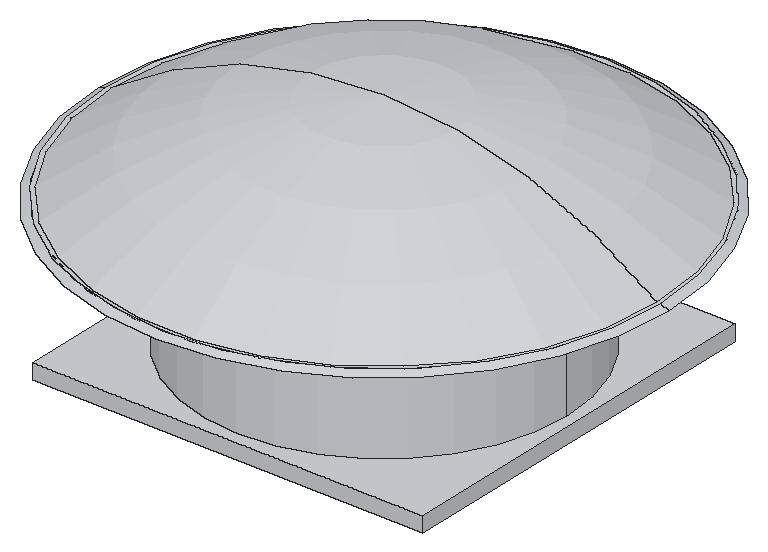
Revit family "BVN_BACF", category Mechanical Equipment, host Face, Revit 2019
Family settings
  Host = Face
  Round Connector Dimension = Use Diameter
  Part Type = Normal
  Cut with Voids When Loaded = No
  Shared = No
  Room Calculation Point = No
Parameters (values of type "BACF 1000T")
  h_Tepe = 230 mm
  Weight = 105.00 kg
  URL = "http://www.bahcivanmotor.com.tr/index.php"
  Speed(d/d) = 1440
  Sound Pressure Level dB(A) = 77
  Protection Class = 55
  Power = 5500 W
  h_Koni = 10 mm
  Voltage = 380 V
  Tepe Genislik = B' / 2 - 10 mm  # 700 mm
  Q_Silindir = 940 mm
  Model = "BACF"
  Material = none
  Manufacturer = "Bahçıvan Elektrik Motor San. ve Tic. Ltd. Şti."
  Insulation Class = "F"
  C = 40 mm
  Frequency = 50 Hz
  Q_Alt = 120 mm
  Description = "Roof Fan"
  Default Elevation = 1219.2 mm
  h_Silindir = 370 mm
  A = h_Koni + h_Tepe + h_Silindir  # 610 mm
  Current = 8.4 A
  Kondansatör (uF) = 0
  B' = 1420 mm
  B = 1460 mm
  Air Flow = 42000.0 m³/h
  F = 1000 mm
Types (20, lengths in mm): name | h_Tepe | Weight | Speed(d/d) | Sound Pressure Level dB(A) | Protection Class | Power | h_Koni | Voltage | Tepe Genislik | Q_Silindir | Insulation Class | h_Silindir | A | Current | Kondansatör (uF) | B' | B | Air Flow | F
  BACF 300M | 75 | 16.00 kg | 1700 | 47 | 44 | 110 W | 100 | 230 V | 282.5 | 500 | "B" | 165 | 340 | 0.5 A | 3 | 585 | 685 | 2100.0 m³/h | 560
  BACF 350M | 75 | 18.00 kg | 1550 | 48 | 44 | 310 W | 100 | 230 V | 282.5 | 500 | "B" | 165 | 340 | 1.38 A | 6 | 585 | 685 | 2880.0 m³/h | 560
  BACF 400M | 80 | 20.00 kg | 1500 | 51 | 44 | 310 W | 110 | 230 V | 340 | 500 | "B" | 280 | 470 | 1.39 A | 6 | 700 | 824 | 4500.0 m³/h | 630
  BACF 450M | 90 | 25.00 kg | 1550 | 55 | 44 | 390 W | 110 | 230 V | 307.5 | 560 | "B" | 280 | 480 | 1.8 A | 8 | 635 | 824 | 7460.0 m³/h | 710
  BACF 500M | 90 | 30.00 kg | 1350 | 57 | 44 | 480 W | 110 | 230 V | 307.5 | 560 | "B" | 280 | 480 | 2.15 A | 12 | 635 | 824 | 8500.0 m³/h | 740
  BACF 560M | 70 | 37.00 kg | 1405 | 61 | 55 | 750 W | 80 | 230 V | 302.5 | 550 | "F" | 300 | 450 | 4.6 A | 0 | 625 | 831 | 10400.0 m³/h | 800
  BACF 630M | 220 | 45.00 kg | 1410 | 63 | 55 | 1100 W | 10 | 230 V | 567.5 | 750 | "F" | 310 | 540 | 7.1 A | 0 | 1155 | 1190 | 14000.0 m³/h | 850
  BACF 710M | 220 | 53.00 kg | 1410 | 68 | 55 | 1500 W | 10 | 230 V | 567.5 | 750 | "F" | 310 | 540 | 9.3 A | 0 | 1155 | 1190 | 18000.0 m³/h | 850
  BACF 900T | 230 | 80.00 kg | 1425 | 74 | 55 | 3000 W | 10 | 380 V | 700 | 940 | "F" | 360 | 600 | 6.6 A | 0 | 1420 | 1460 | 32000.0 m³/h | 1000
  BACF 800M | 230 | 75.00 kg | 1425 | 70 | 55 | 2200 W | 10 | 230 V | 700 | 940 | "F" | 320 | 560 | 13.4 A | 0 | 1420 | 1460 | 26000.0 m³/h | 1000
  BACF 1000T | 230 | 105.00 kg | 1440 | 77 | 55 | 5500 W | 10 | 380 V | 700 | 940 | "F" | 370 | 610 | 8.4 A | 0 | 1420 | 1460 | 42000.0 m³/h | 1000
  BACF 300T | 75 | 16.00 kg | 1445 | 47 | 44 | 210 W | 100 | 380 V | 282.5 | 500 | "B" | 165 | 340 | 1.1 A | 0 | 585 | 685 | 1800.0 m³/h | 560
  BACF 350T | 75 | 18.00 kg | 1400 | 48 | 44 | 270 W | 100 | 380 V | 282.5 | 500 | "B" | 165 | 340 | 1.3 A | 0 | 585 | 685 | 2600.0 m³/h | 560
  BACF 400T | 80 | 20.00 kg | 1600 | 51 | 44 | 320 W | 110 | 380 V | 340 | 500 | "B" | 280 | 470 | 0.8 A | 0 | 700 | 824 | 4500.0 m³/h | 630
  BACF 450T | 90 | 25.00 kg | 1240 | 55 | 44 | 360 W | 110 | 380 V | 307.5 | 560 | "B" | 280 | 480 | 1.6 A | 0 | 635 | 824 | 6500.0 m³/h | 710
  BACF 500T | 90 | 30.00 kg | 1260 | 57 | 44 | 450 W | 110 | 380 V | 307.5 | 560 | "B" | 280 | 480 | 0.88 A | 0 | 635 | 824 | 8500.0 m³/h | 740
  BACF 560T | 70 | 37.00 kg | 1405 | 61 | 55 | 750 W | 80 | 380 V | 302.5 | 550 | "F" | 300 | 450 | 2.1 A | 0 | 625 | 831 | 10400.0 m³/h | 800
  BACF 630T | 220 | 45.00 kg | 1410 | 63 | 55 | 1100 W | 10 | 380 V | 567.5 | 750 | "F" | 310 | 540 | 2.6 A | 0 | 1155 | 1190 | 14000.0 m³/h | 850
  BACF 710T | 220 | 53.00 kg | 1410 | 68 | 55 | 1500 W | 10 | 380 V | 567.5 | 750 | "F" | 310 | 540 | 3.5 A | 0 | 1155 | 1190 | 18000.0 m³/h | 850
  BACF 800T | 230 | 75.00 kg | 1425 | 70 | 55 | 2200 W | 10 | 380 V | 700 | 940 | "F" | 320 | 560 | 5 A | 0 | 1420 | 1460 | 26000.0 m³/h | 1000
Reference planes
  plane 1 "Center (Front/Back)": y = 0
  plane 2: z = 0
  plane 3 "Center (Left/Right)": x = 0
  plane 4: x = -500
  plane 5: y = 500
  plane 6: x = 500
  plane 7: y = -500
Forms (mm)
  Extrusion 1, solid, material <- "Material"
    sketch origin (0, 0, 0) x (1, 0, 0) y (0, 1, 0)
      loop
        line (-500, 500) -> (-500, -500) -> (500, -500) -> (500, 500) -> (-500, 500)
    from 0 to 40 <- "C"
  Extrusion 2, solid, material <- "Material"
    sketch origin (0, 0, 0) x (1, 0, 0) y (0, 1, 0)
      loop
        circle (0, 0) r 470
    from 0 to 370 <- "h_Silindir"
  Blend 3, solid, material <- "Material"
    base sketch origin (0, 0, 370) x (1, 0, 0) y (0, 1, 0)
      loop
        circle (0, 0) r 730
    top sketch origin (0, 0, 370) x (1, 0, 0) y (0, 1, 0)
      loop
        circle (0, 0) r 710
    from 0 to 10 <- "h_Koni"
  Revolve 4, solid, material <- "Material"
    sketch origin (0, 0, 0) x (1, 0, 0) y (0, 0, 1)
      loop
        line (0, 380) -> (700, 380)
        arc (700, 380) -> (368.409, 551.027) -> (0, 610) r 1180.217
        line (0, 610) -> (0, 380)
      axis (0, 610) -> (0, 380)
    angle from 0 to 360
Dimensions and locks
  equal spacing: plane 4, plane 3 "Center (Left/Right)", plane 6
  equal spacing: plane 5, plane 1 "Center (Front/Back)", plane 7
  "F": plane 5 to plane 7
  "F": plane 4 to plane 6
  equal spacing: plane 4, Extrusion 2 sketch curve, plane 6
  equal spacing: plane 5, Extrusion 2 sketch curve, plane 7
  "Tepe Genislik": Revolve 4 sketch curve to plane 3 "Center (Left/Right)"
  "h_Tepe": Revolve 4 sketch curve to Blend 3
  "Q_Silindir": diameter of Extrusion 2 sketch curve
  "B": diameter of Blend 3 sketch curve
  "B'": diameter of Blend 3 sketch curve
  aligned and locked: plane 2 to host face
  aligned and locked: level to host face
  aligned and locked: Extrusion 1 sketch curve to plane 6
  aligned and locked: Extrusion 1 sketch curve to plane 5
  aligned and locked: plane 4 to Extrusion 1 sketch curve
  aligned and locked: Extrusion 1 sketch curve to plane 7
  aligned and locked: Revolve 4 sketch curve to Blend 3
  aligned and locked: plane 3 "Center (Left/Right)" to Revolve 4 sketch curve  (x2)
  aligned and locked: Blend 3 to Revolve 4 sketch curve
Automatic sketch dimensions
  host sketch curve to host sketch curve = 2438.4 mm  (x2)
  Revolve 4 sketch curve to plane 3 "Center (Left/Right)" = 0 mm
  Revolve 4 sketch curve to Revolve 4 sketch curve = 0.982 mm
  Revolve 4 sketch curve to Revolve 4 sketch curve = 115.693 mm
Connectors
  hvac at (0, 0, 0), driven by "Q_Alt", driven by "Air Flow"
    settings: on Extrusion 1, index 1, duct flow 42000.0 m³/h, flow factor 0, pres drop 0.0 Pa, loss coef 0, conn angle 0.00°, conn width 304.8 mm, conn height 304.8 mm, conn diameter 120 mm, duct sys type 1, conn prof type 0, flow config 0, flow direction 0, loss method 0, conn ref index -1, conn util no, is conn primary yes, conn desc ""
  electrical at (500, 0, 20)
    settings: on Extrusion 1, index 2, voltage 0 V, apparent load 0 VA, apparent load phase1 0 VA, apparent load phase2 0 VA, apparent load phase3 0 VA, power factor 1, load classification "Other", number of poles 1, system type 14, power factor state 1, is connector primary yes, connector utility no, sub classification motor no, connector description ""
